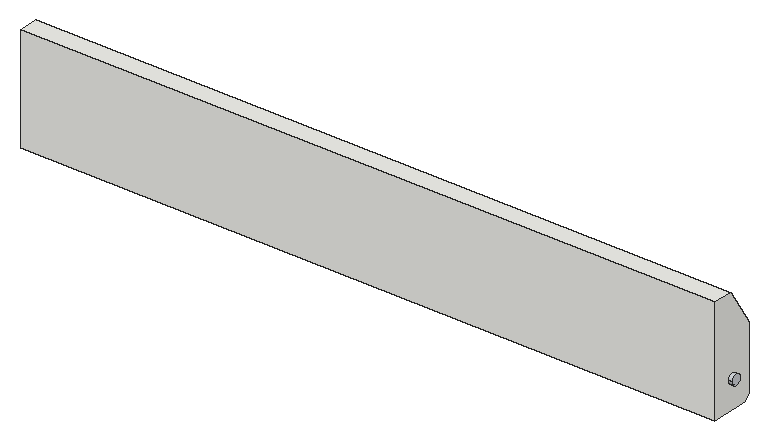
Revit family "7ca3b2b4a04648358c58b9f76d5d7f38", category Mechanical Equipment, host Wall, Revit 2021
Family settings
  Host = Wall
  Round Connector Dimension = Use Radius
  Part Type = Normal
  OmniClass Number = 23.75.70.17.24
  OmniClass Title = Finned-Tube Radiation
  Seek Item ID = Radiator - Hydronic Fin Tube-0000-USA-ENU
  Always vertical = Yes
  Cut with Voids When Loaded = No
  Shared = No
  Room Calculation Point = No
Parameters (values of type "1" NPT")
  Pressure Drop [instance] = 0.001 psi
  Power [instance] = BtuPerFt * Length / 1' 0"  # 5220 Btu/h
  Flow [instance] = 10 GPM
  Default Elevation = 0' - 0"
  BtuPerFt = 870 Btu/h
  Connector = 1/2"
  Assembly Code = ""
  Baseboard Material = Steel, Paint Finish, Ivory, Glossy
  Depth = 0' - 4 3/8"
  Height = 0' - 11"
  Length [instance] = 6' - 0"
  Placement Height = 0' - 4"
Types (3): name | Power | Flow | BtuPerFt | Connector
  0-3/4" NPT | 5460 Btu/h | 9 GPM | 910 Btu/h | 3/8"
  1" NPT | 5220 Btu/h | 10 GPM | 870 Btu/h | 1/2"
  1-1/4" NPT | 4920 Btu/h | 10 GPM | 820 Btu/h | 5/8"
Reference planes (in)
  plane 1: y = 0
  plane 2: z = 15
  plane 3: z = 4
  plane 4: y = 7.375
  plane 5 "Right": x = -36
  plane 6 "Left": x = 36
  plane 7: y = 5.1875
  plane 8: z = 7
  plane 9: z = 7
  plane 10: y = 5.1875
Forms (in)
  Extrusion 1, solid, material "Steel, Paint Finish, Ivory, Glossy" <- "Baseboard Material"
    sketch origin (72, 0, 0) x (0, 1, 0) y (0, 0, 1)
      loop
        line (3, 4) -> (6.875, 4) -> (7.375, 4.53456) -> (7.375, 11.28456) -> (5.0625, 15) -> (3, 15) -> (3, 4)
    from -36 to -108
  Extrusion 2, solid
    sketch origin (36, 0, 13.5) x (0, 1, 0) y (0, 0, 1)
      loop
        circle (5.1875, -6.5) r 0.5
    from 0 to 0.5
  Extrusion 3, solid
    sketch origin (-36, 0, 13.5) x (0, 0, 1) y (0, 1, 0)
      loop
        circle (-6.5, 5.1875) r 0.5
    from 0 to 0.5
Lines and regions (in)
  symbolic lines
    curve 1: line (36, 3, 0) -> (-36, 3, 0)
    curve 2: line (36, 5, 0) -> (36, 3, 0)
    curve 3: line (-36, 5, 0) -> (36, 5, 0)
    curve 4: line (-36, 3, 0) -> (-36, 5, 0)
Text (in)
  text "Placement Side" at (0, 40.15149, 123.01588), in view "Right"
  text "Placement Side" at (-70.3804, 28.46503, 0), in view "Ref. Level"
  text "Placement Side" at (0, 47.49176, 82.65695), in view "Left"
Dimensions and locks (in)
  "Height": plane 3 to plane 2
  "Length": plane 5 "Right" to plane 6 "Left"
  "Depth": host wall to plane 4
  "Placement Height": plane 3 to level
  Extrusion 1 to plane 7 = 0' - 2 3/16"
  locked: plane 8 to level at 7
  locked: plane 9 to level at 7
  plane 10 to Extrusion 1 = 0' - 2 3/16"
  "Connector": radius of Extrusion 3 sketch curve
  "Connector": radius of Extrusion 2 sketch curve
  aligned and locked: plane 5 "Right" to Extrusion 1  (x2)
  aligned and locked: plane 6 "Left" to Extrusion 1
  aligned and locked: Extrusion 1 to host wall
Automatic sketch dimensions
  curve 1 to plane 5 "Right" = 0' - 0"
  curve 3 to plane 6 "Left" = 0' - 0"
  curve 1 to curve 2 = 0' - 2"
  curve 1 to host wall = 0' - 0"
  Extrusion 2 sketch curve to plane 7 = 0' - 0"
  Extrusion 2 sketch curve to plane 8 = 0' - 0"
  Extrusion 3 sketch curve to plane 9 = 0' - 0"
  Extrusion 3 sketch curve to plane 10 = 0' - 0"
  Extrusion 1 sketch curve to host wall = 0' - 0"
  Extrusion 1 sketch curve to plane 2 = 0' - 0"
  Extrusion 1 sketch curve to plane 3 = 0' - 0"
  Extrusion 1 sketch curve to plane 4 = 0' - 0"
  Extrusion 1 sketch curve to Extrusion 1 sketch curve = 0' - 2 1/16"
  plane 4 to Extrusion 1 sketch curve = 0' - 0 1/2"
  Extrusion 1 sketch curve to plane 3 = 0' - 0.53456"
  plane 2 to Extrusion 1 sketch curve = 0' - 3.71544"
Connectors (in)
  piping at (-36.5, 5.1875, 7), diameter 1, driven by "Connector", driven by "Flow", driven by "Pressure Drop"
    settings: on Extrusion 3, index 1, connector inside diameter 1", connector length 0' - 0", flow factor 0, pipe flow 10 GPM, pressure drop 0.001 psi, fitting loss kfactor 0, connector angle 0.00°, fixture units 0, engagement length 0' - 0", angle of deflection 0.00°, flow configuration 1, flow direction 2, fitting loss method 4, system type 8, joint type 0, gender type 0, connector reference index 0, connector utility 0, adjustable connector no, is connector primary no, connector description ""
  piping at (36.5, 5.1875, 7), diameter 1, driven by "Connector", driven by "Flow"
    settings: on Extrusion 2, index 0, connector inside diameter 1", connector length 0' - 0", flow factor 0, pipe flow 10 GPM, pressure drop 0.00 psi, fitting loss kfactor 0, connector angle 0.00°, fixture units 0, engagement length 0' - 0", angle of deflection 0.00°, flow configuration 1, flow direction 1, fitting loss method 0, system type 7, joint type 0, gender type 0, connector reference index 1, connector utility 0, adjustable connector no, is connector primary yes, connector description ""
